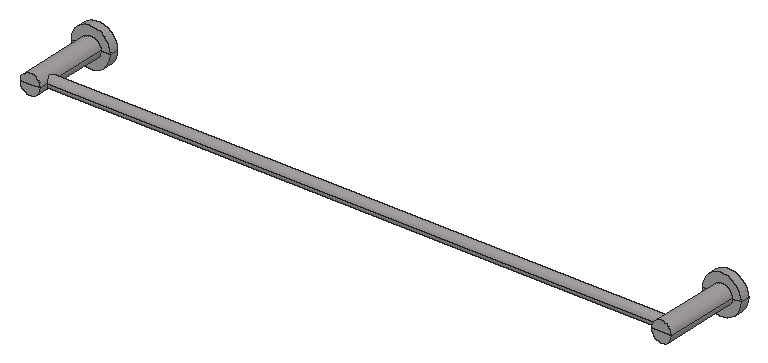
Revit family "Reece_Accessory_Milli_Mood Edit_Single Towel Rail", category Plumbing Fixtures, Revit 2018
Family settings
  Round Connector Dimension = Use Diameter
  Part Type = Normal
  Work Plane-Based = Yes
  Always vertical = Yes
  Cut with Voids When Loaded = Yes
  Shared = Yes
  Room Calculation Point = Yes
Parameters (values of type "600 mm_Brushed Gunmetal")
  URL = "https://www.reece.com.au/product/-2281320"
  Type Comments = "Accessory\r\n"
  Reece_Product_Web Page = "https://www.reece.com.au/product/-2281320"
  Reece_Product_Type = "Accessory\r\n"  # constant formula
  Reece_Product_Sub Brand = "Mood Edit"  # constant formula
  Reece_Product_Number = "2281320"
  Reece_Product_Mount = "Wall Mounted"
  Reece_Product_Description = "Milli Mood Edit Single Towel Rail 600mm Brushed Gunmetal"
  Reece_Product_Brand = "Milli\r\n"  # constant formula
  Reece_Overall_Width = 600 mm
  Reece_Overall_Projection = 80 mm  # constant formula
  Reece_Overall_Height = 37 mm  # constant formula
  Reece_Material_Main = Reece_Brass_Brushed Gunmetal
  Reece_Height_From_Level [instance] = 1000 mm
  Reece_Fixing_Point = 600 mm
  Reece_Detail_Shape = ""
  Reece_Detail_Installation = ""
  Reece_Detail_Disclaimer = "THIS FILE IS THE PROPERTY OF THE REECE GROUP. IT MAY NOT BE REPRODUCED, REVERSE-ENGINEERED OR MODIFIED. ANY REPUBLICATION, TRANSMISSION OR DISTRIBUTION FOR THE PURPOSE OF COMMERCIALLY EXPLOITING THE FILES IS PROHIBITED."  # constant formula
  Reece_Detail_Connector = ""  # constant formula
  Reece_Detail_Additional = "Single Towel Rail\r\n\r\n"  # constant formula
  Model = "Mood Edit"
  Manufacturer = "Milli\r\n"
  Keynote = "Product #2281320, Reece_Accessory_Milli_Mood Edit_Single Towel Rail - 600 mm_Brushed Gunmetal"
  Disclaimer = "THIS FILE IS THE PROPERTY OF THE REECE GROUP. IT MAY NOT BE REPRODUCED, REVERSE-ENGINEERED OR MODIFIED. ANY REPUBLICATION, TRANSMISSION OR DISTRIBUTION FOR THE PURPOSE OF COMMERCIALLY EXPLOITING THE FILES IS PROHIBITED."  # constant formula
  Description = "Milli Mood Edit Single Towel Rail 600mm Brushed Gunmetal"
  Default Elevation = 0 mm
Types (18, lengths in mm): name | URL | Reece_Product_Web Page | Reece_Product_Number | Reece_Product_Description | Reece_Overall_Width | Reece_Material_Main | Reece_Fixing_Point | Keynote | Description
  600 mm_Brushed Gunmetal | "https://www.reece.com.au/product/-2281320" | "https://www.reece.com.au/product/-2281320" | "2281320" | "Milli Mood Edit Single Towel Rail 600mm Brushed Gunmetal" | 600 | Reece_Brass_Brushed Gunmetal | 600 | "Product #2281320, Reece_Accessory_Milli_Mood Edit_Single Towel Rail - 600 mm_Brushed Gunmetal" | "Milli Mood Edit Single Towel Rail 600mm Brushed Gunmetal"
  600 mm_Brushed Nickel | "https://www.reece.com.au/product/-2299205" | "https://www.reece.com.au/product/-2299205" | "2299205" | "Milli Mood Edit Single Towel Rail 600mm Brushed Nickel" | 600 | Reece_Brass_Brushed Nickel | 600 | "Product #2299205, Reece_Accessory_Milli_Mood Edit_Single Towel Rail - 600 mm_Brushed Nickel" | "Milli Mood Edit Single Towel Rail 600mm Brushed Nickel"
  600 mm_Chrome | "https://www.reece.com.au/product/-2263300" | "https://www.reece.com.au/product/-2263300" | "2263300" | "Milli Mood Edit Single Towel Rail 600mm Chrome" | 600 | Reece_Brass_Chrome | 600 | "Product #2263300, Reece_Accessory_Milli_Mood Edit_Single Towel Rail - 600 mm_Chrome" | "Milli Mood Edit Single Towel Rail 600mm Chrome"
  600 mm_Matte Black | "https://www.reece.com.au/product/-2281242" | "https://www.reece.com.au/product/-2281242" | "2281242" | "Milli Mood Edit Single Towel Rail 600mm Matte Black" | 600 | Reece_Brass_Matte Black | 600 | "Product #2281242, Reece_Accessory_Milli_Mood Edit_Single Towel Rail - 600 mm_Matte Black" | "Milli Mood Edit Single Towel Rail 600mm Matte Black"
  780 mm_Brushed Gunmetal | "https://www.reece.com.au/product/-2281322" | "https://www.reece.com.au/product/-2281322" | "2281322" | "Milli Mood Edit Single Towel Rail 780mm Brushed Gunmetal" | 780 | Reece_Brass_Brushed Gunmetal | 780 | "Product #2281322, Reece_Accessory_Milli_Mood Edit_Single Towel Rail - 780 mm_Brushed Gunmetal" | "Milli Mood Edit Single Towel Rail 780mm Brushed Gunmetal"
  780 mm_Brushed Nickel | "https://www.reece.com.au/product/-2299207" | "https://www.reece.com.au/product/-2299207" | "2299207" | "Milli Mood Edit Single Towel Rail 780mm Brushed Nickel" | 780 | Reece_Brass_Brushed Nickel | 780 | "Product #2299207, Reece_Accessory_Milli_Mood Edit_Single Towel Rail - 780 mm_Brushed Nickel" | "Milli Mood Edit Single Towel Rail 780mm Brushed Nickel"
  780 mm_Chrome | "https://www.reece.com.au/product/-2263302" | "https://www.reece.com.au/product/-2263302" | "2263302" | "Milli Mood Edit Single Towel Rail 780mm Chrome" | 780 | Reece_Brass_Chrome | 780 | "Product #2263302, Reece_Accessory_Milli_Mood Edit_Single Towel Rail - 780 mm_Chrome" | "Milli Mood Edit Single Towel Rail 780mm Chrome"
  780 mm_Matte Black | "https://www.reece.com.au/product/-2281244" | "https://www.reece.com.au/product/-2281244" | "2281244" | "Milli Mood Edit Single Towel Rail 780mm Matte Black" | 780 | Reece_Brass_Matte Black | 780 | "Product #2281244, Reece_Accessory_Milli_Mood Edit_Single Towel Rail - 780 mm_Matte Black" | "Milli Mood Edit Single Towel Rail 780mm Matte Black"
  600 mm_PVD Brushed Bronze | "https://www.reece.com.au/product/-9511105" | "https://www.reece.com.au/product/-9511105" | "9511105" | "Milli Mood Edit Single Towel Rail 600mm PVD Brushed Bronze" | 600 | Reece_PVD_Brushed Bronze | 600 | "Product #9511105, Reece_Accessory_Milli_Mood Edit_Single Towel Rail - 600 mm_PVD Brushed Bronze" | "Milli Mood Edit Single Towel Rail 600mm PVD Brushed Bronze"
  600 mm_PVD Brushed Gold | "https://www.reece.com.au/product/-9510920" | "https://www.reece.com.au/product/-9510920" | "9510920" | "Milli Mood Edit Single Towel Rail 600mm PVD Brushed Gold" | 600 | Reece_PVD_Brushed Gold | 600 | "Product #9510920, Reece_Accessory_Milli_Mood Edit_Single Towel Rail - 600 mm_PVD Brushed Gold" | "Milli Mood Edit Single Towel Rail 600mm PVD Brushed Gold"
  780 mm_PVD Brushed Bronze | "https://www.reece.com.au/product/-9511107" | "https://www.reece.com.au/product/-9511107" | "9511107" | "Milli Mood Edit Single Towel Rail 780mm PVD Brushed Bronze" | 780 | Reece_PVD_Brushed Bronze | 780 | "Product #9511107, Reece_Accessory_Milli_Mood Edit_Single Towel Rail - 780 mm_PVD Brushed Bronze" | "Milli Mood Edit Single Towel Rail 780mm PVD Brushed Bronze"
  780 mm_PVD Brushed Gold | "https://www.reece.com.au/product/-9510922" | "https://www.reece.com.au/product/-9510922" | "9510922" | "Milli Mood Edit Single Towel Rail 780mm PVD Brushed Gold" | 780 | Reece_PVD_Brushed Gold | 780 | "Product #9510922, Reece_Accessory_Milli_Mood Edit_Single Towel Rail - 780 mm_PVD Brushed Gold" | "Milli Mood Edit Single Towel Rail 780mm PVD Brushed Gold"
  600 mm_PVD Brushed Gunmetal | "https://www.reece.com.au/product/-9511779" | "https://www.reece.com.au/product/-9511779" | "9511779" | "Milli Mood Edit Single Towel Rail 600mm PVD Brushed Gunmetal" | 600 | Reece_PVD_Brushed Gunmetal | 600 | "Product #9511779, Reece_Accessory_Milli_Mood Edit_Single Towel Rail - 600 mm_PVD Brushed Gunmetal" | "Milli Mood Edit Single Towel Rail 600mm PVD Brushed Gunmetal"
  600 mm_PVD Brushed Nickel | "https://www.reece.com.au/product/-9511594" | "https://www.reece.com.au/product/-9511594" | "9511594" | "Milli Mood Edit Single Towel Rail 600mm PVD Brushed Nickel" | 600 | Reece_PVD_Brushed Nickel | 600 | "Product #9511594, Reece_Accessory_Milli_Mood Edit_Single Towel Rail - 600 mm_PVD Brushed Nickel" | "Milli Mood Edit Single Towel Rail 600mm PVD Brushed Nickel"
  600 mm_PVD Matte Black | "https://www.reece.com.au/product/-9511409" | "https://www.reece.com.au/product/-9511409" | "9511409" | "Milli Mood Edit Single Towel Rail 600mm PVD Matte Black" | 600 | Reece_PVD_Matte Black | 600 | "Product #9511409, Reece_Accessory_Milli_Mood Edit_Single Towel Rail - 600 mm_PVD Matte Black" | "Milli Mood Edit Single Towel Rail 600mm PVD Matte Black"
  780 mm_PVD Brushed Gunmetal | "https://www.reece.com.au/product/-9511781" | "https://www.reece.com.au/product/-9511781" | "9511781" | "Milli Mood Edit Single Towel Rail 780mm PVD Brushed Gunmetal" | 780 | Reece_PVD_Brushed Gunmetal | 780 | "Product #9511781, Reece_Accessory_Milli_Mood Edit_Single Towel Rail - 780 mm_PVD Brushed Gunmetal" | "Milli Mood Edit Single Towel Rail 780mm PVD Brushed Gunmetal"
  780 mm_PVD Brushed Nickel | "https://www.reece.com.au/product/-9511596" | "https://www.reece.com.au/product/-9511596" | "9511596" | "Milli Mood Edit Single Towel Rail 780mm PVD Brushed Nickel" | 780 | Reece_PVD_Brushed Nickel | 780 | "Product #9511596, Reece_Accessory_Milli_Mood Edit_Single Towel Rail - 780 mm_PVD Brushed Nickel" | "Milli Mood Edit Single Towel Rail 780mm PVD Brushed Nickel"
  780 mm_PVD Matte Black | "https://www.reece.com.au/product/-9511411" | "https://www.reece.com.au/product/-9511411" | "9511411" | "Milli Mood Edit Single Towel Rail 780mm PVD Matte Black" | 780 | Reece_PVD_Matte Black | 780 | "Product #9511411, Reece_Accessory_Milli_Mood Edit_Single Towel Rail - 780 mm_PVD Matte Black" | "Milli Mood Edit Single Towel Rail 780mm PVD Matte Black"
Reference planes
  plane 1 "Center (Front/Back)": y = 0
  plane 2 "Bottom Host Plane": z = 0
  plane 3 "Center (Left/Right)": x = 0
  plane 4: x = -300
  plane 5: x = 300
  plane 6: x = -318.5
  plane 7: x = -281.5
  plane 8: y = -80
  plane 9 "Rail Height": z = 1000
  plane 10: y = -7.943
  plane 11: z = 1018.5
  plane 12: z = 981.5
  plane 13: z = -5
Forms (mm)
  Revolve 1, solid, material "Reece_Brass_Brushed Gunmetal" <- "Reece_Material_Main"
    sketch origin (0, 0, 1000) x (-1, 0, 0) y (0, -1, 0)
      loop
        line (290.484, 7.943) -> (281.479, 7.943) -> (281.479, 0) -> (300, 0) -> (300, 80.043) -> (290.482, 80.043) -> (290.484, 7.943)
      axis (300, 0) -> (300, 80.043)
    angle from 0 to 360
  Sweep 2, solid, material "Reece_Brass_Brushed Gunmetal" <- "Reece_Material_Main"
    path origin (0, -297.416, 1000) x (-1, 0, 0) y (0, -1, 0)
      loop
        line (300, -230.618) -> (-300, -230.618)
    profile origin (0, -66.798, 1000) x (0, 1, 0) y (0, 0, 1)
      loop
        circle (0, 0) r 5.5
  Revolve 3, solid, material "Reece_Brass_Brushed Gunmetal" <- "Reece_Material_Main"
    sketch origin (0, 0, 1000) x (1, 0, 0) y (0, -1, 0)
      loop
        line (290.484, 7.943) -> (281.479, 7.943) -> (281.479, 0) -> (300, 0) -> (300, 80.043) -> (290.482, 80.043) -> (290.484, 7.943)
      axis (300, 0) -> (300, 80.043)
    angle from 0 to 360
Cuts and joins
  joined: Revolve 1, Sweep 2, Revolve 3
Lines and regions (mm)
  model lines, style "InvisibleLines"
    curve 1: line (0, 0, -5) -> (0, 0, 1000)
Text (mm)
  text "Reece ©" at (2612.961, -2425.723, 2978.128), in view "Reece Preview"
  text "Reece Copyright © 2018, Reece Ltd." at (368.909, -283.932, 0), in view "Ref. Level"
Dimensions and locks
  locked: plane 2 "Bottom Host Plane" to level
  plane 4 to plane 5 = 600 mm
  "Reece_Height_From_Level": plane 9 "Rail Height" to level
  plane 9 "Rail Height" to level = 1000 mm
  "Reece_Fixing_Point": plane 5 to plane 4
  equal spacing: plane 5, plane 3 "Center (Left/Right)", plane 4
  cut or joined group of Revolve 1, Sweep 2, Revolve 3 to cut or joined group of Revolve 1, Sweep 2, Revolve 3 = 19.029 mm
  cut or joined group of Revolve 1, Sweep 2, Revolve 3 to cut or joined group of Revolve 1, Sweep 2, Revolve 3 = 80.043 mm
  cut or joined group of Revolve 1, Sweep 2, Revolve 3 to cut or joined group of Revolve 1, Sweep 2, Revolve 3 = 37.04 mm
  plane 7 to plane 6 = 37 mm
  level to plane 9 "Rail Height" = 1000 mm
  "Reece_Overall_Projection": plane 1 "Center (Front/Back)" to plane 8
  Revolve 1 sketch curve to Revolve 1 sketch curve to Revolve 1 sketch curve to Revolve 1 sketch curve to Revolve 1 sketch curve to Revolve 1 sketch curve = 0 mm locked, 9.516 mm locked, 0.002 mm locked, 9.003 mm locked, 0 mm locked
  Revolve 3 sketch curve to Revolve 3 sketch curve to Revolve 3 sketch curve to Revolve 3 sketch curve to Revolve 3 sketch curve to Revolve 3 sketch curve = 0 mm locked, 9.516 mm locked, 0.002 mm locked, 9.003 mm locked, 0 mm locked
  cut or joined group of Revolve 1, Sweep 2, Revolve 3 to cut or joined group of Revolve 1, Sweep 2, Revolve 3 = 7.943 mm
  locked: level to plane 13 at 5
  "Reece_Overall_Height": plane 11 to plane 12
  equal spacing: plane 11, plane 9 "Rail Height", plane 12
  aligned and locked: Revolve 1 sketch curve to plane 4
  aligned and locked: plane 4 to Sweep 2 sketch curve
  aligned and locked: plane 5 to Sweep 2 sketch curve
  aligned and locked: plane 9 "Rail Height" to curve 1
  aligned and locked: plane 3 "Center (Left/Right)" to curve 1
  aligned and locked: plane 13 to curve 1
Automatic sketch dimensions
  Revolve 1 sketch curve to plane 10 = 0 mm
  plane 1 "Center (Front/Back)" to Revolve 1 sketch curve = 0 mm
  Revolve 1 sketch curve to plane 4 = 0 mm
  Revolve 1 sketch curve to plane 1 "Center (Front/Back)" = 34.168 mm
  plane 8 to Revolve 1 sketch curve = 30.832 mm
  Sweep 2 sketch curve to plane 8 = 13.202 mm
  plane 9 "Rail Height" to Sweep 2 sketch curve = 0 mm
  Sweep 2 sketch curve to profile plane = 0 mm
  Revolve 3 sketch curve to plane 10 = 0 mm
  plane 1 "Center (Front/Back)" to Revolve 3 sketch curve = 0 mm
  Revolve 3 sketch curve to plane 5 = 0 mm  (x2)
  plane 1 "Center (Front/Back)" to Revolve 3 sketch curve = 34.168 mm
  Revolve 3 sketch curve to plane 8 = 30.832 mm
  radius of Sweep 2 sketch curve = 5.5 mm
